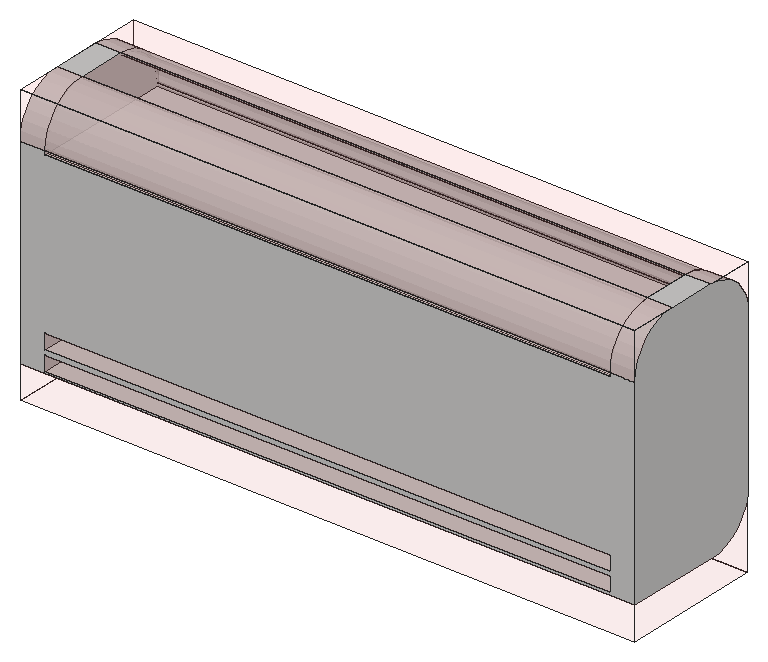
Revit family "Air-Curtain_Climate-Control_PoweredAire_EVE-Unheated", category Mechanical Equipment, host Face, Revit 2019
Family settings
  Host = Face
  Round Connector Dimension = Use Diameter
  Part Type = Normal
  OmniClass Number = 23.75.35.17.21
  OmniClass Title = Air Curtains
  Cut with Voids When Loaded = No
  Shared = No
  Room Calculation Point = No
Parameters
  Warranty Duration (Years) = 0
  Unit Width Notes = "Other Widths available."  # constant formula
  Unit Width = 3' - 1"
  Unit Weight = 59
  Unit Height = 0' - 8 1/2"  # constant formula
  Unit Depth = 1' - 2 205/256"  # constant formula
  URL = "http://www.poweredaire.com/"
  Test Data = ""
  Temperature Rise_Range = "27"
  Standards Conformance = "ETL  ;  Made in USA"
  Specification = "http://www.arcat.com/sdspecs/htm04/23_34_33pai.htm"
  SpecWizard = ""
  Sound Pressure = "53 dBA"
  Sales Information = "https://poweredaire.com/contact"
  Revision = ""
  Projection from Host [instance] = 0' - 2"
  Product Properties = ""
  Product Data = "http://www.arcat.com/arcatcos/cos47/arc47623.html"
  Power Rating = 0 W
  Outlet Volume_Range = "961 CFM"
  Outlet Velocity_Range = "1316 FPM"
  Nozzle Width = 2' - 11"
  Mounting Width = Unit Width - 0' 1"  # 3' - 0"
  Mounting Height [instance] = 3' - 6"
  Motor RPM = 1075
  Motor HP = 0.2
  Motor Count = 1
  Model = "EVE-1-36E"
  Max Height = 12' - 0"
  Manufacturer Website = "http://www.poweredaire.com/"
  Manufacturer Phone - Toll Free = "888-321-2473"
  Manufacturer Phone = "724-588-3305"
  Manufacturer Fax = "724-588-3371"
  Manufacturer Address = "109 Mortensen Rd.  Greenville, PA 16125"
  Manufacturer = "Powered Aire, Inc"
  Maintenance Schedule (Months) = 0
  Keynote = "23 34 33"
  Installation-Fabrication = ""
  Installation Phase = ""
  Include Clearance [instance] = yes
  Heating Element Load = 0 W
  HVAC_Temperature Rise [instance] = 0 °F
  HVAC_Outlet Volume [instance] = 0 CFM
  HVAC_Outlet Velocity Uniformity = 0.87
  HVAC_Outlet Velocity [instance] = 0 FPM
  Green Building-LEED = "http://www.arcat.com/green/clients/leed_data_47623.html"
  Front Grating Material [instance] = Metal - Steel - PoweredAire - Stainless 304 Perforated
  Frame Finish [instance] = Metal - Steel - PoweredAire - Stainless 304
  Expected Lifespan (Years) = 0
  Electrical_Wattage [instance] = Power Rating + Heating Element Load  # 0 W
  Electrical_Voltage [instance] = 0 V
  Electrical_Phase [instance] = 2
  Electrical_Frequency [instance] = 0 Hz
  Electrical_Amperage [instance] = 0 A
  Drawn By = ""
  Description = "Powered Aire Electrically Heated Climate Control Air Curtain - EVE-1-36E as Specified"
  Default Elevation = 0' - 0"  # constant formula
  Copyright = "©Arcat Inc."
  Construction Details = "http://www.arcat.com/details/powair/prod3336.html"
  Clearance_Top [instance] = 0' - 0"
  Clearance_Side B [instance] = 0' - 0"
  Clearance_Side A [instance] = 0' - 0"
  Clearance_Intake [instance] = 0' - 0"
  Clearance_Bottom [instance] = 0' - 0"
  Clearance Material [instance] = ARCAT Clearance
  Building Codes = ""
  Available Options [instance] = "as Specified"
  Assembly Code = "D3090400"
Reference planes (in)
  plane 1 "Center (Elevation)": y = 0.13818
  plane 2: z = 0
  plane 3 "Center (Left/Right)": x = 0
  plane 4: y = 4.38818
  plane 5: y = -4.11182
  plane 6: x = -18.5
  plane 7: x = 18.5
  plane 8: z = 16.80078
  plane 9 "FF": y = -41.86182
  plane 10: z = 2
  plane 11: x = 17
  plane 12: x = -17
  plane 13 "CL-3": y = 4.38818
  plane 14 "CL-2": y = -4.11182
  plane 15: x = -18.5
  plane 16: x = 18.5
  plane 17 "CL-1": z = 16.80078
  plane 18: z = 13.80078
Forms (in)
  Extrusion 1, solid, material "Metal - Steel - PoweredAire - Stainless 304" <- "Frame Finish"
    sketch origin (0, 0, 0) x (0, 1, 0) y (0, 0, 1)
      loop
        line (-4.11182, 14) -> (-4.11182, 2) -> (1.58818, 2)
        arc (1.58818, 2) -> (3.56808, 2.8201) -> (4.38818, 4.8) r 2.8
        line (4.38818, 4.8) -> (4.38818, 14)
        arc (4.38818, 14) -> (3.56808, 15.9799) -> (1.58818, 16.8) r 2.8
        line (1.58818, 16.8) -> (-1.31182, 16.80078)
        arc (-1.31182, 16.80078) -> (-3.29172, 15.9799) -> (-4.11182, 14) r 2.8
    from 17 to 18.5
  Extrusion 2, solid, material "Metal - Steel - PoweredAire - Stainless 304 Perforated" <- "Front Grating Material"
    sketch origin (0, 0, 0) x (0, 1, 0) y (0, 0, 1)
      loop
        arc (-1.31182, 16.8) -> (-3.29172, 15.9799) -> (-4.11182, 14) r 2.8
        line (-4.11182, 14) -> (-4.11182, 13.80078) -> (-3.98682, 13.80078) -> (-3.98682, 14)
        arc (-3.98682, 14) -> (-3.20333, 15.89151) -> (-1.31182, 16.675) r 2.675
        line (-1.31182, 16.675) -> (1.58818, 16.67578)
        arc (1.58818, 16.67578) -> (3.47969, 15.89151) -> (4.26318, 14) r 2.675
        line (4.26318, 14) -> (4.26318, 13.80078) -> (4.38818, 13.80078) -> (4.38818, 14)
        arc (4.38818, 14) -> (3.56808, 15.9799) -> (1.58818, 16.8) r 2.8
        line (1.58818, 16.8) -> (-1.31182, 16.8)
    from -17 to 17
  Extrusion 3, solid, material "ARCAT Clearance" <- "Clearance Material", visible <- "Include Clearance"
    sketch origin (0, 0, 0) x (0, 1, 0) y (0, 0, 1)
      loop
        line (-4.11182, 16.80078) -> (-4.11182, 0) -> (4.38818, 0) -> (4.38818, 16.80078) -> (-4.11182, 16.80078)
    from -18.5 to 18.5
  Extrusion 4, solid, material "Metal - Steel - PoweredAire - Stainless 304" <- "Frame Finish"
    sketch origin (0, 0, 0) x (0, 1, 0) y (0, 0, 1)
      loop
        line (-4.11182, 14) -> (-4.11182, 2) -> (1.58818, 2)
        arc (1.58818, 2) -> (3.56808, 2.8201) -> (4.38818, 4.8) r 2.8
        line (4.38818, 4.8) -> (4.38818, 14)
        arc (4.38818, 14) -> (3.56808, 15.9799) -> (1.58818, 16.8) r 2.8
        line (1.58818, 16.8) -> (-1.31182, 16.80078)
        arc (-1.31182, 16.80078) -> (-3.29172, 15.9799) -> (-4.11182, 14) r 2.8
    from -18.5 to -17
  Extrusion 5, solid, material "Metal - Steel - PoweredAire - Stainless 304" <- "Frame Finish"
    sketch origin (0, 0, 0) x (0, 1, 0) y (0, 0, 1)
      loop
        line (-4.11182, 13.80078) -> (-4.11182, 4.2) -> (-1.86182, 4.2) -> (-1.86182, 3.2875) -> (-4.11182, 3.2875) -> (-4.11182, 3.0375) -> (-1.86182, 3.0375) -> (-1.86182, 2.125) -> (-4.11182, 2.125) -> (-4.11182, 2) -> (1.58818, 2)
        arc (1.58818, 2) -> (3.56808, 2.8201) -> (4.38818, 4.8) r 2.8
        line (4.38818, 4.8) -> (4.38818, 13.80078) -> (-4.11182, 13.80078)
    from -17 to 17
Cuts and joins
  joined: Extrusion 1, Extrusion 4, Extrusion 5
Dimensions and locks (in)
  equal spacing: plane 4, plane 1 "Center (Elevation)", plane 5
  "Unit Height": plane 4 to plane 5
  equal spacing: plane 6, plane 3 "Center (Left/Right)", plane 7
  "Unit Width": plane 6 to plane 7
  "Mounting Height": plane 1 "Center (Elevation)" to plane 9 "FF"
  "Projection from Host": plane 10 to level
  "Unit Depth": plane 8 to plane 10
  locked: plane 6 to plane 12 at 1.5
  locked: plane 11 to plane 7 at 1.5
  "Clearance_Side A": plane 7 to plane 16
  "Clearance_Side B": plane 15 to plane 6
  "Clearance_Top": plane 13 "CL-3" to plane 4
  "Clearance_Bottom": plane 5 to plane 14 "CL-2"
  "Clearance_Intake": plane 17 "CL-1" to plane 8
  locked: plane 8 to plane 18 at 3
  locked: Extrusion 2 sketch curve to plane 18 at 0.19922  (x2)
  locked: Extrusion 1 sketch curve to plane 18 at 0.19922  (x2)
  locked: Extrusion 4 sketch curve to plane 18 at 0.19922  (x2)
  locked: plane 5 to Extrusion 5 sketch curve at 2.25
  Extrusion 5 sketch curve to Extrusion 5 sketch curve to Extrusion 5 sketch curve to Extrusion 5 sketch curve to plane 10 = 0' - 0.9125" locked, 0' - 0 1/4" locked, 0' - 0.9125" locked, 0' - 0 1/8" locked
  locked: plane 8 to Extrusion 2 sketch curve at 0.125
  aligned and locked: plane 2 to host face
  aligned and locked: level to host face
  aligned and locked: plane 7 to Extrusion 1
  aligned and locked: Extrusion 1 to plane 11
  aligned and locked: plane 11 to Extrusion 2
  aligned and locked: Extrusion 2 to plane 12
  aligned and locked: Extrusion 3 sketch curve to plane 17 "CL-1"
  aligned and locked: plane 14 "CL-2" to Extrusion 3 sketch curve
  aligned and locked: level to Extrusion 3 sketch curve
  aligned and locked: Extrusion 3 sketch curve to plane 13 "CL-3"
  aligned and locked: plane 16 to Extrusion 3
  aligned and locked: Extrusion 3 to plane 15
  aligned and locked: plane 12 to Extrusion 4
  aligned and locked: Extrusion 4 to plane 6
  aligned and locked: Extrusion 2 sketch curve to plane 18  (x2)
  aligned and locked: Extrusion 4 sketch curve to plane 10
  aligned and locked: Extrusion 1 sketch curve to plane 10
  aligned and locked: Extrusion 5 sketch curve to plane 18
  aligned and locked: Extrusion 5 sketch curve to plane 10
  aligned and locked: Extrusion 5 to plane 12
  aligned and locked: plane 11 to Extrusion 5
  aligned and locked: plane 8 to Extrusion 1 sketch curve
  aligned and locked: plane 8 to Extrusion 4 sketch curve
  aligned and locked: plane 8 to Extrusion 2 sketch curve
  aligned and locked: Extrusion 5 sketch curve to plane 5  (x2)
  aligned and locked: plane 5 to Extrusion 5 sketch curve
  aligned and locked: plane 4 to Extrusion 1 sketch curve
  aligned and locked: plane 4 to Extrusion 2 sketch curve
  aligned and locked: Extrusion 5 sketch curve to plane 4
Automatic sketch dimensions
  host sketch curve to host sketch curve = 8' - 0"  (x2)
  plane 5 to Extrusion 1 sketch curve = 0' - 2.8"
  plane 1 "Center (Elevation)" to Extrusion 1 sketch curve = 0' - 1.45"
  Extrusion 1 sketch curve to plane 1 "Center (Elevation)" = 0' - 1.45"  (x2)
  Extrusion 1 sketch curve to Extrusion 1 sketch curve = 0' - 0"
  Extrusion 1 sketch curve to plane 5 = 0' - 0"
  Extrusion 4 sketch curve to plane 5 = 0' - 0"
  Extrusion 4 sketch curve to plane 4 = 0' - 0"
  plane 1 "Center (Elevation)" to Extrusion 4 sketch curve = 0' - 1.45"
  Extrusion 4 sketch curve to plane 1 "Center (Elevation)" = 0' - 1.45"  (x2)
  Extrusion 4 sketch curve to Extrusion 4 sketch curve = 0' - 0"  (x2)
  Extrusion 2 sketch curve to plane 4 = 0' - 2.8"
  Extrusion 2 sketch curve to plane 1 "Center (Elevation)" = 0' - 1.45"
  Extrusion 2 sketch curve to Extrusion 2 sketch curve = 0' - 0"  (x6)
  plane 5 to Extrusion 2 sketch curve = 0' - 0 1/8"
  Extrusion 2 sketch curve to plane 4 = 0' - 0 1/8"
  plane 5 to Extrusion 2 sketch curve = 0' - 2.8"
  Extrusion 2 sketch curve to plane 5 = 0' - 0"
  Extrusion 5 sketch curve to Extrusion 5 sketch curve = 0' - 0"
  Extrusion 5 sketch curve to plane 1 "Center (Elevation)" = 0' - 1.45"
  Extrusion 2 sketch curve to Extrusion 2 sketch curve = 0' - 0.00078"
Connectors (in)
  electrical at (-18.5, 0.34532, 10.05725), driven by "Electrical_Voltage", driven by "Electrical_Phase"
    settings: on cut or joined group of Extrusion 1, Extrusion 4, Extrusion 5, index 1, voltage 0 V, apparent load 0 VA, apparent load phase1 0 VA, apparent load phase2 0 VA, apparent load phase3 0 VA, power factor 1, load classification "Other", number of poles 2, system type 31, power factor state 1, is connector primary yes, connector utility no, sub classification motor no, connector description "Power Connector"
